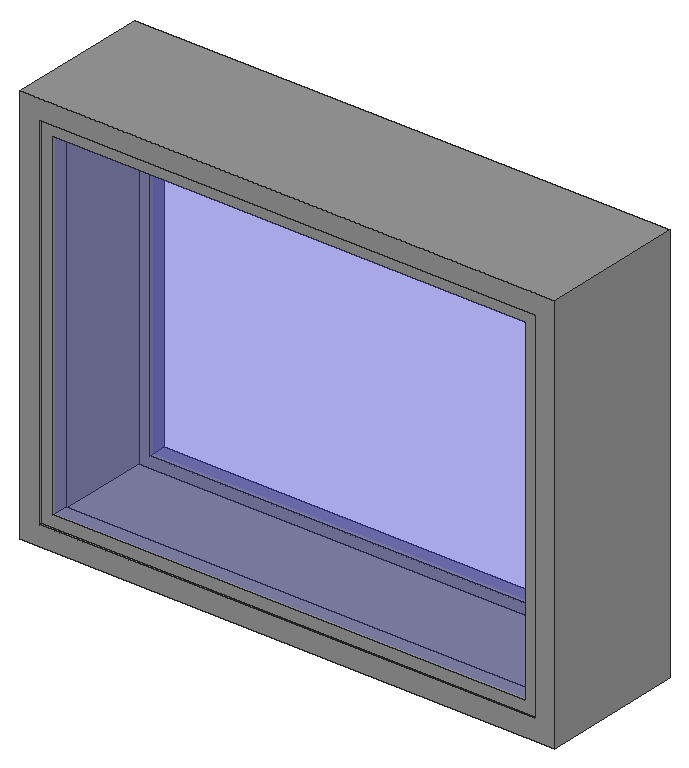
Revit family "Studio-8-Window-1", category Windows, host Wall, Revit 2024
Family settings
  Host = Wall
  OmniClass Number = 23.30.20.00
  OmniClass Title = Windows
  Always vertical = Yes
  Cut with Voids When Loaded = No
  Shared = No
  Room Calculation Point = No
Parameters (values of type "FLAT 48 x 36")
  a = Width - 0' 3 1/2"  # 3' - 8 1/2"
  URL = "https://www.acousticalsurfaces.com/acoustic_windows/acoustical_windows.htm"
  Type Comments = "Soundproof windows"
  Rough Width = 4' - 0 1/2"
  Rough Height = 3' - 0 1/2"
  Offset [instance] = 3' - 0"
  Manufacturer = "Acoustical Surfaces, Inc."
  Height = 3' - 0"
  Glass = Laminated Glass – Studio (4/5/6/8) Soundproof Window
  Frame Material = Aluminum – Studio (4/5/6/8) Soundproof Window
  Frame Finish = "Clear / Dark Bronze Anodized"
  Flat = not(Angled)  # yes
  Description = "Soundproof interior windows"
  Define Thermal Properties by = Schematic Type
  Default Sill Height = 2' - 7.49606"
  Wall Closure = By host
  Width = 4' - 0"
  Assembly Code = "C1030"
  Angled = no
  Analytic Construction = "<None>"
Types (4): name | a | Rough Width | Offset | Flat | Width | Angled
  FLAT 48 x 36 | 3' - 8 1/2" | 4' - 0 1/2" | 3' - 0" | yes | 4' - 0" | no
  FLAT 72 x 36 | 5' - 8 1/2" | 6' - 0 1/2" | 2' - 0" | yes | 6' - 0" | no
  ANGLED 72 x 36 | 5' - 8 1/2" | 6' - 0 1/2" | 2' - 0" | yes | 6' - 0" | no
  ANGLED 48 x 36 | 3' - 8 1/2" | 4' - 0 1/2" | 1' - 11 1/16" | no | 4' - 0" | yes
Reference planes (in)
  plane 1 "Center (Front/Back)": y = 0
  plane 2 "Center (Left/Right)": x = 0
  plane 3 "Left": x = -24
  plane 4 "Right": x = 24
  plane 5 "Sill": z = 31.49606
  plane 6 "Head": z = 67.49606
  plane 7 "Exterior": y = 12
  plane 8 "Interior": y = -12
Lines and regions (in)
  Opening 1
    outline origin (137.79528, -12, 0) x (1, 0, 0) y (0, 0, 1)
      loop
        line (-113.79528, 31.49606) -> (-113.79528, 67.49606) -> (-161.79528, 67.49606) -> (-161.79528, 31.49606) -> (-113.79528, 31.49606)
Text (in)
  text "EXTERIOR" at (-77.29147, 52.45485, 0), in view "Ref. Level"
  text "INTERIOR" at (-78.01048, -32.21994, 0), in view "Ref. Level"
  text "Exterior" at (0, 36.36817, 115.8778), in view "Right"
  text "Exterior" at (0, 40.96394, 105.72475), in view "Left"
Dimensions and locks (in)
  equal spacing: plane 3 "Left", plane 2 "Center (Left/Right)", plane 4 "Right"
  "Width": plane 3 "Left" to plane 4 "Right"
  "Height": plane 5 "Sill" to plane 6 "Head"
  "Default Sill Height": plane 5 "Sill" to level
  locked: plane 7 "Exterior" to host wall
  locked: plane 8 "Interior" to host wall
  locked: plane 5 "Sill" to nested 1
  "Offset": host wall to nested 1
  locked: plane 5 "Sill" to nested 2
  "Offset": host wall to nested 2
Automatic sketch dimensions
  Opening 1 sketch curve to plane 3 "Left" = 0' - 0"
  Opening 1 sketch curve to plane 4 "Right" = 0' - 0"
  Opening 1 sketch curve to plane 5 "Sill" = 0' - 0"
  Opening 1 sketch curve to plane 6 "Head" = 0' - 0"
Nested families (in)
  nested 1: "Flat" at (0, -30.4375, 31.49606), visible <- "Flat", type "Flat"
  nested 2: "Angled" at (0, -30.4375, 31.49606), visible <- "Angled", type "Angled"
Definition of nested family "Flat"
  Parameters (values of type "Family1")
    Width = 4' - 0"
    Thickness = 1' - 0 7/8"
    Offset = 0' - 2 1/4"
    Glass = none
    Frame = none
    Default Elevation = 0' - 0"
  Reference planes (in)
    plane 1 "Center (Front/Back)": y = 0
    plane 2: z = 0
    plane 3 "Center (Left/Right)": x = 0
    plane 4: z = 36
    plane 5: x = -24
    plane 6: x = 24
    plane 7: z = 33.75
    plane 8: z = 2.25
    plane 9: x = -21.75
    plane 10: x = 21.75
  Forms (in)
    Sweep 1, solid, material <- "Frame"
      path origin (0, 0, 0) x (1, 0, 0) y (0, 0, 1)
        loop
          line (24, 36) -> (-24, 36) -> (-24, 0) -> (24, 0) -> (24, 36)
      profile origin (0, 0, 36) x (0, 0, -1) y (0, -1, 0)
        loop
          line (0, 6.4375) -> (0, -6.4375) -> (1.74865, -6.4375) -> (1.74865, -6.22524) -> (2.74869, -6.22524) -> (2.74869, -4.68518) -> (1.74865, -4.68518) -> (1.74865, 4.68518) -> (2.74869, 4.68518) -> (2.74869, 6.22524) -> (1.74865, 6.22524) -> (1.74865, 6.4375) -> (0, 6.4375)
    Extrusion 2, solid, material <- "Glass"
      sketch origin (0, 0, 0) x (0, 1, 0) y (0, 0, 1)
        loop
          line (5.43521, 33.75) -> (5.0552, 33.75) -> (5.0552, 2.25) -> (5.43521, 2.25) -> (5.43521, 33.75)
        loop
          line (-5.0052, 2.25) -> (-5.0052, 33.75) -> (-5.94523, 33.75) -> (-5.94523, 2.25) -> (-5.0052, 2.25)
      from -21.75 to 21.75
  Dimensions and locks (in)
    plane 4 to level = 3' - 0"
    equal spacing: plane 6, plane 3 "Center (Left/Right)", plane 5
    "Width": plane 6 to plane 5
    equal spacing: Sweep 1 sketch curve, profile plane, Sweep 1 sketch curve
    "Thickness": Sweep 1 sketch curve to Sweep 1 sketch curve
    "Offset": plane 4 to plane 7
    "Offset": plane 8 to level
    "Offset": plane 9 to plane 5
    "Offset": plane 10 to plane 6
    aligned and locked: level to plane 2
    aligned and locked: Sweep 1 sketch curve to plane 5
    aligned and locked: plane 6 to Sweep 1 sketch curve
    aligned and locked: plane 4 to Sweep 1 sketch curve  (x2)
    aligned and locked: Sweep 1 sketch curve to level
    aligned and locked: Extrusion 2 sketch curve to plane 7
    aligned and locked: plane 7 to Extrusion 2 sketch curve
    aligned and locked: Extrusion 2 sketch curve to plane 8
    aligned and locked: plane 8 to Extrusion 2 sketch curve
    aligned and locked: Extrusion 2 to plane 9
    aligned and locked: Extrusion 2 to plane 10
  Automatic sketch dimensions
    plane 1 "Center (Front/Back)" to Extrusion 2 sketch curve = 0' - 5.94523"
    Extrusion 2 sketch curve to Extrusion 2 sketch curve = 0' - 0.94004"
    Extrusion 2 sketch curve to plane 1 "Center (Front/Back)" = 0' - 5.0552"
    Extrusion 2 sketch curve to Extrusion 2 sketch curve = 0' - 0.38001"
    Sweep 1 sketch curve to profile plane = 0' - 1.74865"  (x2)
    Sweep 1 sketch curve to Sweep 1 sketch curve = 0' - 0"
    Sweep 1 sketch curve to Sweep 1 sketch curve = 0' - 1.00004"  (x2)
    Sweep 1 sketch curve to Sweep 1 sketch curve = 0' - 0.21226"  (x2)
    Sweep 1 sketch curve to Sweep 1 sketch curve = 0' - 1.54006"
    Sweep 1 sketch curve to Sweep 1 sketch curve = 0' - 1.75232"
Definition of nested family "Angled"
  Parameters (values of type "Family1")
    Width = 4' - 0"
    Thickness = 1' - 0 7/8"
    Offset = 0' - 2 1/4"
    Glass = none
    Frame = none
    Default Elevation = 0' - 0"
  Reference planes (in)
    plane 1 "Center (Front/Back)": y = 0
    plane 2: z = 0
    plane 3 "Center (Left/Right)": x = 0
    plane 4: z = 36
    plane 5: x = -24
    plane 6: x = 24
    plane 7: z = 33.75
    plane 8: z = 2.25
    plane 9: x = -21.75
    plane 10: x = 21.75
  Forms (in)
    Sweep 1, solid
      path origin (0, 0, 0) x (1, 0, 0) y (0, 0, 1)
        loop
          line (24, 36) -> (-24, 36) -> (-24, 0) -> (24, 0) -> (24, 36)
      profile origin (0, 0, 36) x (0, 0, -1) y (0, -1, 0)
        loop
          line (0, 6.4375) -> (0, -6.4375) -> (1.74865, -6.4375) -> (1.74865, -6.22524) -> (2.74869, -6.22524) -> (2.74869, -4.68518) -> (1.74865, -4.68518) -> (1.74865, 6.4375) -> (0, 6.4375)
    Extrusion 2, solid, material <- "Glass"
      sketch origin (0, 0, 0) x (0, 1, 0) y (0, 0, 1)
        loop
          line (5.43521, 33.75) -> (5.0552, 33.75) -> (5.0552, 2.25) -> (5.43521, 2.25) -> (5.43521, 33.75)
        loop
          line (-5.00794, 2.25) -> (-1.86698, 33.75) -> (-2.803, 33.75) -> (-5.94496, 2.25) -> (-5.00794, 2.25)
      from -21.75 to 21.75
    Extrusion 3, solid
      sketch origin (0, 0, 0) x (0, 1, 0) y (0, 0, 1)
        loop
          line (-1.58282, 34.25135) -> (-3.12288, 34.25135) -> (-3.12288, 33.24131) -> (-1.58282, 33.24131) -> (-1.58282, 34.25135)
        loop
          line (-4.67294, 2.75011) -> (-6.223, 2.75011) -> (-6.223, 1.74865) -> (-4.67294, 1.74865) -> (-4.67294, 2.75011)
      from -24 to 24
  Cuts and joins
    joined: Sweep 1, Extrusion 3
  Dimensions and locks (in)
    plane 4 to level = 3' - 0"
    equal spacing: plane 6, plane 3 "Center (Left/Right)", plane 5
    "Width": plane 6 to plane 5
    equal spacing: Sweep 1 sketch curve, profile plane, Sweep 1 sketch curve
    "Thickness": Sweep 1 sketch curve to Sweep 1 sketch curve
    "Offset": plane 4 to plane 7
    "Offset": plane 8 to level
    "Offset": plane 9 to plane 5
    "Offset": plane 10 to plane 6
    aligned and locked: level to plane 2
    aligned and locked: Sweep 1 sketch curve to plane 5
    aligned and locked: plane 6 to Sweep 1 sketch curve
    aligned and locked: plane 4 to Sweep 1 sketch curve  (x2)
    aligned and locked: Sweep 1 sketch curve to level
    aligned and locked: Extrusion 2 sketch curve to plane 7
    aligned and locked: plane 7 to Extrusion 2 sketch curve
    aligned and locked: Extrusion 2 sketch curve to plane 8
    aligned and locked: plane 8 to Extrusion 2 sketch curve
    aligned and locked: Extrusion 2 to plane 9
    aligned and locked: Extrusion 2 to plane 10
    aligned and locked: Extrusion 3 to plane 5
    aligned and locked: plane 6 to Extrusion 3
  Automatic sketch dimensions
    Extrusion 2 sketch curve to plane 1 "Center (Front/Back)" = 0' - 5.0552"
    Extrusion 2 sketch curve to Extrusion 2 sketch curve = 0' - 0.38001"
    plane 1 "Center (Front/Back)" to Extrusion 2 sketch curve = 0' - 5.00794"
    plane 1 "Center (Front/Back)" to Extrusion 2 sketch curve = 0' - 1.86698"
    Extrusion 2 sketch curve to Extrusion 2 sketch curve = 0' - 0.93702"
    Extrusion 2 sketch curve to Extrusion 2 sketch curve = 0' - 0.93602"
    plane 8 to Extrusion 3 sketch curve = 0' - 0.50011"
    plane 1 "Center (Front/Back)" to Extrusion 3 sketch curve = 0' - 6.223"
    Extrusion 3 sketch curve to plane 8 = 0' - 0.50135"
    Extrusion 3 sketch curve to Extrusion 3 sketch curve = 0' - 1.55006"
    plane 7 to Extrusion 3 sketch curve = 0' - 0.50135"
    plane 1 "Center (Front/Back)" to Extrusion 3 sketch curve = 0' - 3.12288"
    Extrusion 3 sketch curve to plane 7 = 0' - 0.50869"
    Extrusion 3 sketch curve to Extrusion 3 sketch curve = 0' - 1.54006"
    Sweep 1 sketch curve to profile plane = 0' - 1.74865"  (x2)
    Sweep 1 sketch curve to Sweep 1 sketch curve = 0' - 1.00004"
    Sweep 1 sketch curve to Sweep 1 sketch curve = 0' - 0.21226"
    Sweep 1 sketch curve to Sweep 1 sketch curve = 0' - 1.54006"
